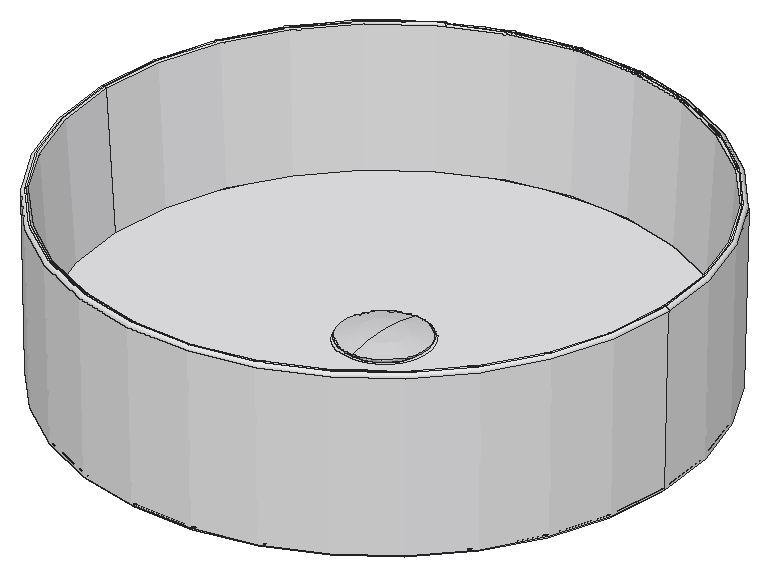
Revit family "Sink-Vessel-Lavatory-KOHLER-MICA-K-90012T", category Plumbing Fixtures, host Face, Revit 2017
Family settings
  Host = Face
  Round Connector Dimension = Use Diameter
  Part Type = Normal
  OmniClass Number = 23.31.13.00
  OmniClass Title = Sinks
  Cut with Voids When Loaded = No
  Shared = No
  Room Calculation Point = No
Parameters (values of type "0-White")
  Width = 16 9/64"  # constant formula
  WaterSense Certified = 1 = 0  # no
  Waste Water Outlet = "Waste Water Outlet"  # constant formula
  Waste Connection = 1 = 1  # yes
  Vent Connection = 1 = 0  # no
  URL = "http://www.kohler.com.cn/"
  Type = 1
  Product Page URL = "https://www.kohler.com.cn/product/K-90012T-0/K-90012T-0/"
  Product Name = "MICA"  # constant formula
  Product Documentation Link = "https://files.kohler.com.cn/pdfs/1564132818910_77675_1279591-T01.pdf"
  Model = if(Type = 1, "K-90012T-0", if(Type = 2, "K-90012T-7", if(Type = 3, "K-90012T-HB1", "NA")))  # "K-90012T-0"
  Material = "Vitrous China"  # constant formula
  Master Format 2014 Name = "Residential Lavatories and Sinks"  # constant formula
  Master Format 2014 = "22 41 16"  # constant formula
  Manufacturer Address = "Kohler Beijing Office (100016) 36-2-03-B, No. 88, Liuxiang Road, Beijing"  # constant formula
  Manufacturer = "KOHLER Co."  # constant formula
  Length = 16 9/64"  # constant formula
  Hot Water Inlet = "Hot Water Inlet"  # constant formula
  Height = 6 13/128"  # constant formula
  HW Connection = 1 = 0  # no
  Finish = Kohler-Vitreous_China-0-White
  Environmental Product Declaration = ""
  Drain Included = 1 = 0  # no
  Description = "Round shape washbasin"  # constant formula
  Default Elevation = 36"
  Declare Label = ""
  Date Modified = "07/20/2020"  # constant formula
  Date Created = "07/20/2020"  # constant formula
  Copyright = "Copyright KOHLER Co."  # constant formula
  Contact Us = "http://www.kohler.com.cn/contact/contact-us/"
  Cold Water Inlet = "Cold Water Inlet"  # constant formula
  CW Connection = 1 = 0  # no
  Assembly Code = "D2010400"
  ADA Compliant = 1 = 0  # no
Types (4): name | Type | Product Page URL | Model | Finish
  (no name) | 1 | "https://www.kohler.com.cn/product/K-90012T-0/K-90012T-0/" | "K-90012T-0" | Kohler-Vitreous_China-0-White
  0-White | 1 | "https://www.kohler.com.cn/product/K-90012T-0/K-90012T-0/" | "K-90012T-0" | Kohler-Vitreous_China-0-White
  7-Black Black | 2 | "https://www.kohler.com.cn/product/K-90012T/K-90012T-7/" | "K-90012T-7" | Kohler-Vitreous_China-7-Black_Black
  HB1-Matte Black | 3 | "https://www.kohler.com.cn/product/K-90012T/K-90012T-HB1/" | "K-90012T-HB1" | Kohler-Vitreous_China-HB1-Matte_Black
Reference planes (in)
  plane 1 "Center (Front/Back)": y = 0
  plane 2: z = 0
  plane 3 "Center (Left/Right)": x = 0
  plane 4: x = -8.07087
  plane 5: y = -8.06976
  plane 6: x = 8.06976
  plane 7: y = 8.07087
  plane 8: z = 4.72441
  plane 9: z = -1.37715
Forms (in)
  Extrusion 1, void
    sketch origin (0, 0, 0) x (1, 0, 0) y (0, 1, 0)
      loop
        circle (0, 0) r 2.95276
    from -1.37795 to 0
Dimensions and locks (in)
  plane 1 "Center (Front/Back)" to plane 7 = 8.07087"
  "Width": plane 4 to plane 6
  "Length": plane 5 to plane 7
  "Height": plane 8 to plane 9
  plane 8 to level = 4.72441"
  aligned and locked: plane 2 to host face
  aligned and locked: level to host face
Automatic sketch dimensions
  host sketch curve to host sketch curve = 96"  (x2)
  plane 1 "Center (Front/Back)" to Extrusion 1 sketch curve = 0"
  Extrusion 1 sketch curve to plane 3 "Center (Left/Right)" = 0"
  radius of Extrusion 1 sketch curve = 2.95276"
Nested families (in)
  nested 1: "K-90012T" at (0, 0, -1.37795), type "K-90012T"
Connectors (in)
  piping at (0, 0, -1.37795), diameter 1.25, driven by "Waste Connection", driven by "Waste Water Outlet"
    settings: on nested 1, index 1, connector inside diameter 24", connector length 0", flow factor 0, pipe flow 0 GPM, pressure drop 0.00 psi, fitting loss kfactor 0, connector angle 0.00°, fixture units 0, engagement length 0", angle of deflection 0.00°, flow configuration 0, flow direction 2, fitting loss method 0, system type 16, joint type 0, gender type 0, connector reference index -1, connector utility 1, adjustable connector no, is connector primary yes, connector description "Waste Water Outlet"
Definition of nested family "K-90012T"
  Parameters (values of type "K-90012T")
    Material = none
  Reference planes (in)
    plane 1 "Center (Front/Back)": y = 0
    plane 2: z = 0
    plane 3 "Center (Left/Right)": x = 0
    plane 4: y = 8.07087
    plane 5: x = 8.07087
    plane 6: y = -8.07087
    plane 7: x = -8.07087
    plane 8: z = 6.10236
    plane 9: z = 1.37795
  Forms (in)
    Sweep 1, solid, material <- "Material", detail levels medium+fine
      path origin (0, 0, 0) x (1, 0, 0) y (0, 1, 0)
        loop
          circle (0, 0) r 8.07087
      profile origin (0, 8.07087, 0) x (0, -1, 0) y (0, 0, 1)
        loop
          line (0.11194, 1.45669) -> (0.1513, 1.45669)
          arc (0.1513, 1.45669) -> (0.18458, 1.44291) -> (0.19837, 1.40963) r 0.04706
          line (0.19837, 1.40963) -> (0.19837, 1.37795) -> (1.0602, 1.37795)
          arc (1.0602, 1.37795) -> (1.22921, 1.44796) -> (1.29921, 1.61697) r 0.23901
          line (1.29921, 1.61697) -> (1.29921, 2.5) -> (0.42832, 2.5) -> (0.17914, 6.06339)
          arc (0.17914, 6.06339) -> (0.1655, 6.09198) -> (0.13603, 6.10359) r 0.04322
          line (0.13603, 6.10359) -> (0.09731, 6.10359)
          arc (0.09731, 6.10359) -> (0.02934, 6.07496) -> (0.00234, 6.00631) r 0.095
          line (0.00234, 6.00631) -> (0.11194, 1.45669)
    Extrusion 2, solid, material <- "Material", detail levels medium+fine
      sketch origin (0, 0, 0) x (1, 0, 0) y (0, 1, 0)
        loop
          circle (0, 0) r 6.77165
      from 1.85248 to 2.5
    Revolve 3, solid, material <- "Material", detail levels medium+fine
      sketch origin (0, 0, 0) x (0, 1, 0) y (0, 0, 1)
        loop
          line (0, 0.29717) -> (0, 1.94659) -> (-1.44883, 1.94659) -> (-1.29079, 0.14018)
          arc (-1.29079, 0.14018) -> (-1.24155, 0.04035) -> (-1.1378, 0) r 0.15357
          line (-1.1378, 0) -> (-0.4853, 0) -> (-0.4853, 0.29717) -> (0, 0.29717)
        axis (0, 0) -> (0, 1.94659)
      angle from 0 to 360
    Revolve 4, solid, detail levels medium+fine
      sketch origin (0, 0, 0.7405) x (0, 1, 0) y (0, 0, 1)
        loop
          line (0, 1.70894) -> (0, 1.9958)
          arc (0, 1.9958) -> (-0.56718, 1.95501) -> (-1.12268, 1.83349) r 3.96399
          arc (-1.12268, 1.83349) -> (-1.13162, 1.81955) -> (-1.1191, 1.80871) r 0.01265
          line (-1.1191, 1.80871) -> (-0.21918, 1.80871) -> (-0.21918, 1.70894) -> (0, 1.70894)
        axis (0, 1.9958) -> (0, 1.70894)
      angle from 0 to 360
    Revolve 5, void
      sketch origin (0, 0, 0) x (0, 1, 0) y (0, 0, 1)
        loop
          line (0, 2.5) -> (-1.18141, 2.5)
          arc (-1.18141, 2.5) -> (-0.97203, 2.41306) -> (-0.88583, 2.20337) r 0.29558
          line (-0.88583, 2.20337) -> (0, 2.20337) -> (0, 2.5)
        axis (0, 2.5) -> (0, 2.20337)
      angle from 0 to 360
    Extrusion 6, solid, material <- "Material", detail levels coarse
      sketch origin (0, 0, 0) x (1, 0, 0) y (0, 1, 0)
        loop
          circle (0, 0) r 8.07087
        loop
          circle (0, 0) r 7.64255
      from 1.37795 to 6.10105
    Revolve 7, solid, material <- "Material", detail levels coarse
      sketch origin (0, 0, 0) x (0, 1, 0) y (0, 0, 1)
        loop
          line (0, 0) -> (0, 1.41037) -> (-1.29079, 1.41037) -> (-1.29079, 0) -> (0, 0)
        axis (0, 0) -> (0, 1.41037)
      angle from 0 to 360
    Extrusion 8, solid, material <- "Material", detail levels coarse
      sketch origin (0, 0, 0) x (1, 0, 0) y (0, 1, 0)
        loop
          circle (0, 0) r 7.64255
      from 1.37795 to 1.50488
  Cuts and joins
    Revolve 5 cuts Sweep 1
    Revolve 5 cuts Extrusion 2
    joined: Sweep 1, Extrusion 2, Revolve 3
    joined: Extrusion 6, Revolve 7, Extrusion 8
  Lines and regions (in)
    Masking region 1
      outline origin (23.62205, 0, 0) x (1, 0, 0) y (0, 1, 0)
        loop
          circle (-23.62205, 0) r 8.07087
    Masking region 2
      outline origin (0, 0, 0) x (1, 0, 0) y (0, 0, 1)
        loop
          line (7.96125, 1.45669) -> (8.07087, 6.00714)
          arc (8.07087, 6.00714) -> (8.04445, 6.07433) -> (7.97791, 6.10236) r 0.09298
          line (7.97791, 6.10236) -> (-7.97791, 6.10236)
          arc (-7.97791, 6.10236) -> (-8.04445, 6.07433) -> (-8.07087, 6.00714) r 0.09298
          line (-8.07087, 6.00714) -> (-7.96125, 1.45669) -> (-7.92507, 1.45669)
          arc (-7.92507, 1.45669) -> (-7.89153, 1.4428) -> (-7.87764, 1.40926) r 0.04743
          line (-7.87764, 1.40926) -> (-7.87764, 1.37795) -> (-1.39897, 1.37795) -> (-1.29026, 0.13538)
          arc (-1.29026, 0.13538) -> (-1.24271, 0.03896) -> (-1.14252, 0) r 0.1483
          line (-1.14252, 0) -> (1.14252, 0)
          arc (1.14252, 0) -> (1.24271, 0.03896) -> (1.29026, 0.13538) r 0.1483
          line (1.29026, 0.13538) -> (1.39897, 1.37795) -> (7.87764, 1.37795) -> (7.87764, 1.40926)
          arc (7.87764, 1.40926) -> (7.89153, 1.4428) -> (7.92507, 1.45669) r 0.04743
          line (7.92507, 1.45669) -> (7.96125, 1.45669)
    Masking region 3
      outline origin (0, 0, 0) x (0, 1, 0) y (0, 0, 1)
        loop
          line (-7.96122, 1.45669) -> (-7.92504, 1.45669)
          arc (-7.92504, 1.45669) -> (-7.8915, 1.4428) -> (-7.87761, 1.40926) r 0.04743
          line (-7.87761, 1.40926) -> (-7.87761, 1.37795) -> (-1.39894, 1.37795) -> (-1.29023, 0.13538)
          arc (-1.29023, 0.13538) -> (-1.24269, 0.03896) -> (-1.14249, 0) r 0.1483
          line (-1.14249, 0) -> (1.14255, 0)
          arc (1.14255, 0) -> (1.24274, 0.03896) -> (1.29029, 0.13538) r 0.1483
          line (1.29029, 0.13538) -> (1.399, 1.37795) -> (7.87766, 1.37795) -> (7.87766, 1.40926)
          arc (7.87766, 1.40926) -> (7.89156, 1.4428) -> (7.92509, 1.45669) r 0.04743
          line (7.92509, 1.45669) -> (7.96128, 1.45669) -> (8.07089, 6.00714)
          arc (8.07089, 6.00714) -> (8.04447, 6.07433) -> (7.97794, 6.10236) r 0.09298
          line (7.97794, 6.10236) -> (-7.97789, 6.10236)
          arc (-7.97789, 6.10236) -> (-8.04442, 6.07433) -> (-8.07084, 6.00714) r 0.09298
          line (-8.07084, 6.00714) -> (-7.96122, 1.45669)
    symbolic lines, detail levels medium+fine
      curve 1: line (0, 1.399, 1.37795) -> (0, -1.39894, 1.37795)
      curve 2: line (0, -7.92504, 1.45669) -> (0, 7.92509, 1.45669)
      curve 4: circle (0, 0, 0) r 0.98425 normal (0, 0, 1)
      curve 6: line (-7.92507, 0, 1.45669) -> (7.92507, 0, 1.45669)
      curve 7: line (-1.39897, 0, 1.37795) -> (1.39897, 0, 1.37795)
    symbolic lines
      curve 3: circle (0, 0, 0) r 7.62964 normal (0, 0, 1)
      curve 5: circle (0, 0, 0) r 1.37795 normal (0, 0, 1)
  Dimensions and locks (in)
    plane 7 to plane 5 = 16.14173"
    plane 6 to plane 4 = 16.14173"
    plane 8 to plane 2 = 6.10236"
    plane 8 to plane 9 = 4.72441"
    aligned and locked: plane 2 to level
